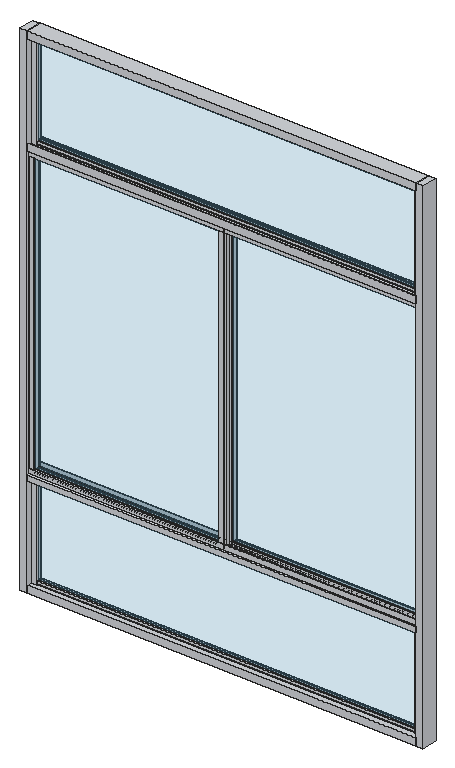
Revit family "MT-VMS_DB-SG_OX WITH HIGHTLITE-LOWLITE", category Windows, host Wall, Revit 2017 (continued)
Definition of nested family "VMS_DB-SG_OX_LOWLITE-HIGHLITE_76mm"
  Definition of nested family "VMS_DB-SG_GLAZED PANEL"
    Definition of nested family "VMS_V3_SGL_FINE"
      Lines and regions (mm)
        model lines, in view "Ref. Level"
          curve 29: arc (0.9, -3.3, 0) -> (1.112, -3.212, 0) -> (1.2, -3, 0) r 0.3
          curve 30: arc (1.2, -1.5, 0) -> (1.288, -1.288, 0) -> (1.5, -1.2, 0) r 0.3
          curve 31: arc (4.7, -1.2, 0) -> (4.912, -1.288, 0) -> (5, -1.5, 0) r 0.3
          curve 32: arc (5, -10.176, 0) -> (4.912, -10.388, 0) -> (4.7, -10.476, 0) r 0.3
          curve 33: arc (3.6, -10.476, 0) -> (3.388, -10.388, 0) -> (3.3, -10.176, 0) r 0.3
          curve 34: arc (3.3, -9.692, 0) -> (3.212, -9.48, 0) -> (3, -9.392, 0) r 0.3
          curve 35: arc (1.5, -9.392, 0) -> (1.288, -9.304, 0) -> (1.2, -9.092, 0) r 0.3
          curve 36: arc (1.2, -7.692, 0) -> (1.112, -7.48, 0) -> (0.9, -7.392, 0) r 0.3
          curve 37: arc (0.3, -7.392, 0) -> (0.088, -7.48, 0) -> (0, -7.692, 0) r 0.3
          curve 38: arc (0, -11.552, 0) -> (0.4, -11.952, 0) -> (0.8, -11.552, 0) r 0.4
          curve 39: arc (2.1, -11.652, 0) -> (2.188, -11.864, 0) -> (2.4, -11.952, 0) r 0.3
          curve 40: arc (2.4, -14.952, 0) -> (2.188, -15.04, 0) -> (2.1, -15.252, 0) r 0.3
          curve 41: arc (0.8, -15.352, 0) -> (0.4, -14.952, 0) -> (0, -15.352, 0) r 0.4
          curve 42: arc (0, -19.208, 0) -> (0.088, -19.42, 0) -> (0.3, -19.508, 0) r 0.3
          curve 43: arc (0.9, -19.508, 0) -> (1.112, -19.42, 0) -> (1.2, -19.208, 0) r 0.3
          curve 44: arc (1.2, -17.808, 0) -> (1.288, -17.596, 0) -> (1.5, -17.508, 0) r 0.3
          curve 45: arc (3, -17.508, 0) -> (3.212, -17.42, 0) -> (3.3, -17.208, 0) r 0.3
          curve 46: arc (3.3, -16.724, 0) -> (3.388, -16.512, 0) -> (3.6, -16.424, 0) r 0.3
          curve 47: arc (4.7, -16.424, 0) -> (4.912, -16.512, 0) -> (5, -16.724, 0) r 0.3
          curve 48: arc (5, -23.3, 0) -> (4.912, -23.512, 0) -> (4.7, -23.6, 0) r 0.3
          curve 49: arc (0.3, -23.6, 0) -> (0.088, -23.688, 0) -> (0, -23.9, 0) r 0.3
          curve 50: arc (0, -26.4, 0) -> (0.146, -26.754, 0) -> (0.5, -26.9, 0) r 0.5
          curve 51: arc (2.102, -26.9, 0) -> (2.385, -26.783, 0) -> (2.502, -26.5, 0) r 0.4
          curve 52: arc (2.502, -26.5, 0) -> (2.385, -26.217, 0) -> (2.102, -26.1, 0) r 0.4
          curve 53: arc (5.902, -26.1, 0) -> (5.619, -26.217, 0) -> (5.502, -26.5, 0) r 0.4
          curve 54: arc (5.502, -26.5, 0) -> (5.619, -26.783, 0) -> (5.902, -26.9, 0) r 0.4
          curve 55: arc (21, -26.9, 0) -> (21.4, -26.52, 0) -> (21.039, -26.102, 0) r 0.4
          curve 56: arc (14.365, -25.441, 0) -> (14.043, -25.279, 0) -> (13.914, -24.944, 0) r 0.5
          curve 57: arc (13.914, -24.65, 0) -> (14.207, -23.943, 0) -> (14.914, -23.65, 0) r 1
          curve 58: arc (8.4, -25.7, 0) -> (8.259, -25.641, 0) -> (8.2, -25.5, 0) r 0.2
          curve 59: arc (8.2, -23.8, 0) -> (8.141, -23.659, 0) -> (8, -23.6, 0) r 0.2
          curve 60: arc (6.5, -23.6, 0) -> (6.288, -23.512, 0) -> (6.2, -23.3, 0) r 0.3
          curve 61: arc (6.2, -16.639, 0) -> (6.261, -16.458, 0) -> (6.419, -16.35, 0) r 0.3
          curve 62: arc (6.419, -16.35, 0) -> (6.899, -16.169, 0) -> (7.342, -15.909, 0) r 3.014
          curve 63: arc (7.342, -15.909, 0) -> (7.404, -15.838, 0) -> (7.426, -15.746, 0) r 0.2
          curve 64: arc (7.426, -14.908, 0) -> (7.145, -14.479, 0) -> (6.64, -14.566, 0) r 0.468
          curve 65: arc (6.64, -14.566, 0) -> (6.369, -14.767, 0) -> (6.06, -14.904, 0) r 1.525
          curve 66: arc (5.14, -14.904, 0) -> (4.813, -14.756, 0) -> (4.529, -14.535, 0) r 1.525
          curve 67: arc (4.124, -13.835, 0) -> (4.075, -13.45, 0) -> (4.124, -13.065, 0) r 1.525
          curve 68: arc (4.529, -12.365, 0) -> (4.813, -12.144, 0) -> (5.14, -11.996, 0) r 1.525
          curve 69: arc (6.06, -11.996, 0) -> (6.369, -12.133, 0) -> (6.64, -12.334, 0) r 1.525
          curve 70: arc (6.64, -12.334, 0) -> (7.145, -12.421, 0) -> (7.426, -11.992, 0) r 0.468
          curve 71: arc (7.426, -11.154, 0) -> (7.404, -11.062, 0) -> (7.342, -10.991, 0) r 0.2
          curve 72: arc (7.342, -10.991, 0) -> (6.899, -10.731, 0) -> (6.419, -10.55, 0) r 3.014
          curve 73: arc (6.419, -10.55, 0) -> (6.261, -10.442, 0) -> (6.2, -10.261, 0) r 0.3
          curve 74: arc (6.2, -1.5, 0) -> (6.288, -1.288, 0) -> (6.5, -1.2, 0) r 0.3
          curve 75: arc (12.312, -1.2, 0) -> (12.453, -1.259, 0) -> (12.512, -1.4, 0) r 0.2
          curve 76: arc (12.512, -25.5, 0) -> (12.453, -25.641, 0) -> (12.312, -25.7, 0) r 0.2
          curve 77: line (14.914, -23.65, 0) -> (23.214, -23.65, 0)
          curve 78: line (23.214, -23.65, 0) -> (25.029, -24.136, 0)
          curve 79: line (25.029, -24.136, 0) -> (27.114, -24.15, 0)
          curve 80: line (27.914, -23.35, 0) -> (27.914, -20.411, 0)
          curve 81: line (27.641, -20.031, 0) -> (26.677, -19.71, 0)
          curve 82: line (26.414, -19.9, 0) -> (26.414, -20.123, 0)
          curve 83: line (26.414, -20.123, 0) -> (25.177, -19.71, 0)
          curve 84: line (24.914, -19.9, 0) -> (24.914, -20.123, 0)
          curve 85: line (24.914, -20.123, 0) -> (23.677, -19.71, 0)
          curve 86: line (23.414, -19.9, 0) -> (23.414, -20.123, 0)
          curve 87: line (23.414, -20.123, 0) -> (22.177, -19.71, 0)
          curve 88: line (21.914, -19.9, 0) -> (21.914, -20.538, 0)
          curve 89: line (22.119, -20.822, 0) -> (23.009, -21.119, 0)
          curve 90: line (23.214, -21.404, 0) -> (23.214, -22.15, 0)
          curve 91: line (22.914, -22.45, 0) -> (14.214, -22.45, 0)
          curve 92: line (13.914, -22.15, 0) -> (13.914, -14.116, 0)
          curve 93: line (13.797, -13.833, 0) -> (13.414, -13.45, 0)
          curve 94: line (13.414, -13.45, 0) -> (13.797, -13.067, 0)
          curve 95: line (13.914, -12.784, 0) -> (13.914, -2.069, 0)
          curve 96: line (26.414, -1.879, 0) -> (26.414, -5.1, 0)
          curve 97: line (26.114, -5.4, 0) -> (24.2, -5.4, 0)
          curve 98: line (24.2, -5.4, 0) -> (22.119, -6.078, 0)
          curve 99: line (21.914, -6.362, 0) -> (21.914, -7, 0)
          curve 100: line (22.177, -7.19, 0) -> (23.414, -6.777, 0)
          curve 101: line (23.414, -6.777, 0) -> (23.414, -7, 0)
          curve 102: line (23.677, -7.19, 0) -> (24.914, -6.777, 0)
          curve 103: line (24.914, -6.777, 0) -> (24.914, -7, 0)
          curve 104: line (25.177, -7.19, 0) -> (26.414, -6.777, 0)
          curve 105: line (26.414, -6.777, 0) -> (26.414, -7, 0)
          curve 106: line (26.677, -7.19, 0) -> (27.641, -6.869, 0)
          curve 107: line (27.914, -6.489, 0) -> (27.914, -0.8, 0)
          curve 108: line (27.114, 0, 0) -> (25.737, 0, 0)
          curve 109: line (13.681, 0, 0) -> (0.5, 0, 0)
          curve 110: line (0, -0.5, 0) -> (0, -3, 0)
          curve 111: line (0.3, -3.3, 0) -> (0.9, -3.3, 0)
          curve 112: line (1.2, -3, 0) -> (1.2, -1.5, 0)
          curve 113: line (1.5, -1.2, 0) -> (4.7, -1.2, 0)
          curve 114: line (5, -1.5, 0) -> (5, -10.176, 0)
          curve 115: line (4.7, -10.476, 0) -> (3.6, -10.476, 0)
          curve 116: line (3.3, -10.176, 0) -> (3.3, -9.692, 0)
          curve 117: line (3, -9.392, 0) -> (1.5, -9.392, 0)
          curve 118: line (1.2, -9.092, 0) -> (1.2, -7.692, 0)
          curve 119: line (0.9, -7.392, 0) -> (0.3, -7.392, 0)
          curve 120: line (0, -7.692, 0) -> (0, -11.552, 0)
          curve 121: line (0.8, -11.552, 0) -> (0.8, -10.452, 0)
          curve 122: line (0.8, -10.452, 0) -> (2.1, -10.452, 0)
          curve 123: line (2.1, -10.452, 0) -> (2.1, -11.652, 0)
          curve 124: line (2.4, -11.952, 0) -> (2.776, -11.952, 0)
          curve 125: line (2.776, -11.952, 0) -> (2.776, -14.952, 0)
          curve 126: line (2.776, -14.952, 0) -> (2.4, -14.952, 0)
          curve 127: line (2.1, -15.252, 0) -> (2.1, -16.452, 0)
          curve 128: line (2.1, -16.452, 0) -> (0.8, -16.452, 0)
          curve 129: line (0.8, -16.452, 0) -> (0.8, -15.352, 0)
          curve 130: line (0, -15.352, 0) -> (0, -19.208, 0)
          curve 131: line (0.3, -19.508, 0) -> (0.9, -19.508, 0)
          curve 132: line (1.2, -19.208, 0) -> (1.2, -17.808, 0)
          curve 133: line (1.5, -17.508, 0) -> (3, -17.508, 0)
          curve 134: line (3.3, -17.208, 0) -> (3.3, -16.724, 0)
          curve 135: line (3.6, -16.424, 0) -> (4.7, -16.424, 0)
          curve 136: line (5, -16.724, 0) -> (5, -23.3, 0)
          curve 137: line (4.7, -23.6, 0) -> (0.3, -23.6, 0)
          curve 138: line (0, -23.9, 0) -> (0, -26.4, 0)
          curve 139: line (0.5, -26.9, 0) -> (2.102, -26.9, 0)
          curve 140: line (2.102, -26.1, 0) -> (1.002, -26.1, 0)
          curve 141: line (1.002, -26.1, 0) -> (1.002, -24.8, 0)
          curve 142: line (1.002, -24.8, 0) -> (7.002, -24.8, 0)
          curve 143: line (7.002, -24.8, 0) -> (7.002, -26.1, 0)
          curve 144: line (7.002, -26.1, 0) -> (5.902, -26.1, 0)
          curve 145: line (5.902, -26.9, 0) -> (21, -26.9, 0)
          curve 146: line (21.039, -26.102, 0) -> (14.365, -25.441, 0)
          curve 147: line (13.914, -24.944, 0) -> (13.914, -24.65, 0)
          curve 148: line (8.2, -25.5, 0) -> (8.2, -23.8, 0)
          curve 149: line (8, -23.6, 0) -> (6.5, -23.6, 0)
          curve 150: line (6.2, -23.3, 0) -> (6.2, -16.639, 0)
          curve 151: line (7.426, -15.746, 0) -> (7.426, -14.908, 0)
          curve 152: line (6.06, -14.904, 0) -> (5.6, -15.324, 0)
          curve 153: line (5.6, -15.324, 0) -> (5.14, -14.904, 0)
          curve 154: line (4.529, -14.535, 0) -> (3.976, -14.387, 0)
          curve 155: line (3.976, -14.387, 0) -> (4.124, -13.835, 0)
          curve 156: line (4.124, -13.065, 0) -> (3.976, -12.513, 0)
          curve 157: line (3.976, -12.513, 0) -> (4.529, -12.365, 0)
          curve 158: line (5.14, -11.996, 0) -> (5.6, -11.576, 0)
          curve 159: line (5.6, -11.576, 0) -> (6.06, -11.996, 0)
          curve 160: line (7.426, -11.992, 0) -> (7.426, -11.154, 0)
          curve 161: line (6.2, -10.261, 0) -> (6.2, -1.5, 0)
          curve 162: line (6.5, -1.2, 0) -> (12.312, -1.2, 0)
          curve 163: line (12.512, -1.4, 0) -> (12.512, -25.5, 0)
          curve 164: line (12.312, -25.7, 0) -> (8.4, -25.7, 0)
    Definition of nested family "VMS_V3_SGL_MEDIUM"
      Reference planes
        plane 1 "Center (Front/Back)": y = 0
        plane 2: z = 0
        plane 3 "Center (Left/Right)": x = 0
      Lines and regions (mm)
        model lines, in view "Ref. Level"
          curve 1: line (13.914, -23.65, 0) -> (27.914, -23.65, 0)
          curve 2: line (27.914, -23.65, 0) -> (27.914, -22.45, 0)
          curve 3: line (27.914, -22.45, 0) -> (13.914, -22.45, 0)
          curve 4: line (13.914, -22.45, 0) -> (13.914, -1.2, 0)
          curve 5: line (26.414, -1.2, 0) -> (26.414, -5.1, 0)
          curve 6: line (27.914, -6.489, 0) -> (27.914, 0, 0)
          curve 7: line (27.914, 0, 0) -> (0, 0, 0)
          curve 8: line (1.002, -1.2, 0) -> (4.73, -1.2, 0)
          curve 9: line (0, 0, 0) -> (0, -26.9, 0)
          curve 10: line (1.002, -25.7, 0) -> (1.002, -1.2, 0)
          curve 11: line (0, -26.9, 0) -> (21.039, -26.9, 0)
          curve 12: line (21.039, -26.102, 0) -> (13.914, -25.397, 0)
          curve 13: line (13.914, -25.397, 0) -> (13.914, -23.65, 0)
          curve 14: line (13.914, -1.2, 0) -> (26.414, -1.2, 0)
          curve 15: line (12.512, -1.2, 0) -> (12.512, -25.7, 0)
          curve 16: line (12.512, -25.7, 0) -> (6.132, -25.7, 0)
          curve 23: line (6.132, -1.2, 0) -> (12.512, -1.2, 0)
          curve 24: line (4.73, -25.7, 0) -> (1.002, -25.7, 0)
        detail lines, in view "Ref. Level"
          curve 17: line (21.039, -26.102, 0) -> (21.039, -26.9, 0)
          curve 18: line (27.914, -6.489, 0) -> (21.583, -6.489, 0)
          curve 19: line (26.414, -5.1, 0) -> (21.583, -5.1, 0)
          curve 20: line (21.583, -6.489, 0) -> (21.583, -5.1, 0)
          curve 21: line (6.132, -25.7, 0) -> (6.132, -1.2, 0)
          curve 22: line (4.73, -1.2, 0) -> (4.73, -25.7, 0)
    Definition of nested family "VMS_VM64_SILL DETAIL_FINE"
      Reference planes
        plane 1 "Center (Front/Back)": y = 0
        plane 2: z = 0
        plane 3 "Center (Left/Right)": x = 0
      Lines and regions (mm)
        model lines, in view "Ref. Level"
          curve 1: arc (4.124, -13.835, 0) -> (4.075, -13.45, 0) -> (4.124, -13.065, 0) r 1.525
          curve 2: arc (4.529, -12.365, 0) -> (4.813, -12.144, 0) -> (5.14, -11.996, 0) r 1.525
          curve 3: arc (6.06, -11.996, 0) -> (6.369, -12.133, 0) -> (6.64, -12.334, 0) r 1.525
          curve 4: arc (6.64, -12.334, 0) -> (7.145, -12.421, 0) -> (7.426, -11.992, 0) r 0.468
          curve 5: arc (7.426, -11.154, 0) -> (7.404, -11.062, 0) -> (7.342, -10.991, 0) r 0.2
          curve 6: arc (7.342, -10.991, 0) -> (6.899, -10.731, 0) -> (6.419, -10.55, 0) r 3.014
          curve 7: arc (6.419, -10.55, 0) -> (6.261, -10.442, 0) -> (6.2, -10.261, 0) r 0.3
          curve 8: arc (6.2, -1.5, 0) -> (6.288, -1.288, 0) -> (6.5, -1.2, 0) r 0.3
          curve 9: arc (12.312, -1.2, 0) -> (12.453, -1.259, 0) -> (12.512, -1.4, 0) r 0.2
          curve 10: arc (12.512, -25.5, 0) -> (12.453, -25.641, 0) -> (12.312, -25.7, 0) r 0.2
          curve 11: arc (8.4, -25.7, 0) -> (8.259, -25.641, 0) -> (8.2, -25.5, 0) r 0.2
          curve 12: arc (8.2, -23.8, 0) -> (8.141, -23.659, 0) -> (8, -23.6, 0) r 0.2
          curve 13: arc (6.5, -23.6, 0) -> (6.288, -23.512, 0) -> (6.2, -23.3, 0) r 0.3
          curve 14: arc (6.2, -16.639, 0) -> (6.261, -16.458, 0) -> (6.419, -16.35, 0) r 0.3
          curve 15: arc (6.419, -16.35, 0) -> (6.899, -16.169, 0) -> (7.342, -15.909, 0) r 3.014
          curve 16: arc (7.342, -15.909, 0) -> (7.404, -15.838, 0) -> (7.426, -15.746, 0) r 0.2
          curve 17: arc (7.426, -14.908, 0) -> (7.145, -14.479, 0) -> (6.64, -14.566, 0) r 0.468
          curve 18: arc (6.64, -14.566, 0) -> (6.369, -14.767, 0) -> (6.06, -14.904, 0) r 1.525
          curve 19: arc (5.14, -14.904, 0) -> (4.813, -14.756, 0) -> (4.529, -14.535, 0) r 1.525
          curve 20: arc (2.1, -11.652, 0) -> (2.188, -11.864, 0) -> (2.4, -11.952, 0) r 0.3
          curve 21: arc (2.4, -14.952, 0) -> (2.188, -15.04, 0) -> (2.1, -15.252, 0) r 0.3
          curve 22: arc (0.8, -15.352, 0) -> (0.4, -14.952, 0) -> (0, -15.352, 0) r 0.4
          curve 23: arc (0, -19.208, 0) -> (0.088, -19.42, 0) -> (0.3, -19.508, 0) r 0.3
          curve 24: arc (0.9, -19.508, 0) -> (1.112, -19.42, 0) -> (1.2, -19.208, 0) r 0.3
          curve 25: arc (1.2, -17.808, 0) -> (1.288, -17.596, 0) -> (1.5, -17.508, 0) r 0.3
          curve 26: arc (3, -17.508, 0) -> (3.212, -17.42, 0) -> (3.3, -17.208, 0) r 0.3
          curve 27: arc (3.3, -16.724, 0) -> (3.388, -16.512, 0) -> (3.6, -16.424, 0) r 0.3
          curve 28: arc (4.7, -16.424, 0) -> (4.912, -16.512, 0) -> (5, -16.724, 0) r 0.3
          curve 29: arc (5, -23.3, 0) -> (4.912, -23.512, 0) -> (4.7, -23.6, 0) r 0.3
          curve 30: arc (0.3, -23.6, 0) -> (0.088, -23.688, 0) -> (0, -23.9, 0) r 0.3
          curve 31: arc (0, -26.4, 0) -> (0.146, -26.753, 0) -> (0.5, -26.9, 0) r 0.5
          curve 32: arc (2.102, -26.9, 0) -> (2.502, -26.5, 0) -> (2.102, -26.1, 0) r 0.4
          curve 33: arc (5.902, -26.1, 0) -> (5.502, -26.5, 0) -> (5.902, -26.9, 0) r 0.4
          curve 34: arc (19.253, -26.9, 0) -> (19.6, -26.57, 0) -> (19.287, -26.207, 0) r 0.347
          curve 35: arc (16.352, -25.917, 0) -> (16.099, -25.719, 0) -> (16.17, -25.406, 0) r 0.3
          curve 36: arc (16.838, -24.738, 0) -> (16.935, -24.673, 0) -> (17.05, -24.65, 0) r 0.3
          curve 37: arc (27.288, -24.95, 0) -> (27.906, -24.424, 0) -> (27.486, -23.73, 0) r 0.626
          curve 38: arc (26.677, -23.46, 0) -> (26.497, -23.488, 0) -> (26.414, -23.65, 0) r 0.2
          curve 39: arc (25.177, -23.46, 0) -> (24.997, -23.488, 0) -> (24.914, -23.65, 0) r 0.2
          curve 40: arc (23.677, -23.46, 0) -> (23.497, -23.488, 0) -> (23.414, -23.65, 0) r 0.2
          curve 41: arc (16.553, -23.45, 0) -> (16.438, -23.473, 0) -> (16.341, -23.538, 0) r 0.3
          curve 42: arc (14.426, -25.452, 0) -> (14.099, -25.517, 0) -> (13.914, -25.24, 0) r 0.3
          curve 43: arc (13.914, -14.116, 0) -> (13.884, -13.963, 0) -> (13.797, -13.833, 0) r 0.4
          curve 44: arc (13.797, -13.067, 0) -> (13.884, -12.937, 0) -> (13.914, -12.784, 0) r 0.4
          curve 45: arc (13.914, -2.069, 0) -> (14.079, -1.801, 0) -> (14.392, -1.827, 0) r 0.3
          curve 46: arc (14.392, -1.827, 0) -> (18.05, -3.074, 0) -> (21.914, -2.976, 0) r 10.984
          curve 47: arc (21.914, -3.233, 0) -> (22.026, -3.412, 0) -> (22.236, -3.391, 0) r 0.2
          curve 48: arc (23.092, -2.731, 0) -> (23.302, -2.71, 0) -> (23.414, -2.889, 0) r 0.2
          curve 49: arc (23.414, -3.233, 0) -> (23.526, -3.412, 0) -> (23.736, -3.391, 0) r 0.2
          curve 50: arc (24.592, -2.731, 0) -> (24.802, -2.71, 0) -> (24.914, -2.889, 0) r 0.2
          curve 51: arc (24.914, -3.233, 0) -> (25.026, -3.412, 0) -> (25.236, -3.391, 0) r 0.2
          curve 52: arc (26.092, -2.731, 0) -> (26.302, -2.71, 0) -> (26.414, -2.889, 0) r 0.2
          curve 53: arc (26.414, -3.233, 0) -> (26.496, -3.394, 0) -> (26.674, -3.423, 0) r 0.2
          curve 54: arc (27.634, -3.121, 0) -> (27.837, -2.976, 0) -> (27.914, -2.739, 0) r 0.4
          curve 55: arc (27.914, -0.8, 0) -> (27.68, -0.234, 0) -> (27.114, 0, 0) r 0.8
          curve 56: arc (25.737, 0, 0) -> (25.642, -0.015, 0) -> (25.558, -0.06, 0) r 0.3
          curve 57: arc (25.558, -0.06, 0) -> (19.709, -2, 0) -> (13.86, -0.06, 0) r 9.784
          curve 58: arc (13.86, -0.06, 0) -> (13.776, -0.015, 0) -> (13.681, 0, 0) r 0.3
          curve 59: arc (0.5, 0, 0) -> (0.146, -0.146, 0) -> (0, -0.5, 0) r 0.5
          curve 60: arc (0, -3, 0) -> (0.088, -3.212, 0) -> (0.3, -3.3, 0) r 0.3
          curve 61: arc (0.9, -3.3, 0) -> (1.112, -3.212, 0) -> (1.2, -3, 0) r 0.3
          curve 62: arc (1.2, -1.5, 0) -> (1.288, -1.288, 0) -> (1.5, -1.2, 0) r 0.3
          curve 63: arc (4.7, -1.2, 0) -> (4.912, -1.288, 0) -> (5, -1.5, 0) r 0.3
          curve 64: arc (5, -10.176, 0) -> (4.912, -10.388, 0) -> (4.7, -10.476, 0) r 0.3
          curve 65: arc (3.6, -10.476, 0) -> (3.388, -10.388, 0) -> (3.3, -10.176, 0) r 0.3
          curve 66: arc (3.3, -9.692, 0) -> (3.212, -9.48, 0) -> (3, -9.392, 0) r 0.3
          curve 67: arc (1.5, -9.392, 0) -> (1.288, -9.304, 0) -> (1.2, -9.092, 0) r 0.3
          curve 68: arc (1.2, -7.692, 0) -> (1.112, -7.48, 0) -> (0.9, -7.392, 0) r 0.3
          curve 69: arc (0.3, -7.392, 0) -> (0.088, -7.48, 0) -> (0, -7.692, 0) r 0.3
          curve 70: arc (0, -11.552, 0) -> (0.4, -11.952, 0) -> (0.8, -11.552, 0) r 0.4
          curve 71: line (4.529, -14.535, 0) -> (3.976, -14.387, 0)
          curve 72: line (3.976, -14.387, 0) -> (4.124, -13.835, 0)
          curve 73: line (4.124, -13.065, 0) -> (3.976, -12.513, 0)
          curve 74: line (3.976, -12.513, 0) -> (4.529, -12.365, 0)
          curve 75: line (5.14, -11.996, 0) -> (5.6, -11.576, 0)
          curve 76: line (5.6, -11.576, 0) -> (6.06, -11.996, 0)
          curve 77: line (7.426, -11.992, 0) -> (7.426, -11.154, 0)
          curve 78: line (6.2, -10.261, 0) -> (6.2, -1.5, 0)
          curve 79: line (6.5, -1.2, 0) -> (12.312, -1.2, 0)
          curve 80: line (12.512, -1.4, 0) -> (12.512, -25.5, 0)
          curve 81: line (12.312, -25.7, 0) -> (8.4, -25.7, 0)
          curve 82: line (8.2, -25.5, 0) -> (8.2, -23.8, 0)
          curve 83: line (8, -23.6, 0) -> (6.5, -23.6, 0)
          curve 84: line (6.2, -23.3, 0) -> (6.2, -16.639, 0)
          curve 85: line (7.426, -15.746, 0) -> (7.426, -14.908, 0)
          curve 86: line (6.06, -14.904, 0) -> (5.6, -15.324, 0)
          curve 87: line (5.6, -15.324, 0) -> (5.14, -14.904, 0)
          curve 88: line (2.4, -11.952, 0) -> (2.776, -11.952, 0)
          curve 89: line (2.776, -11.952, 0) -> (2.776, -14.952, 0)
          curve 90: line (2.776, -14.952, 0) -> (2.4, -14.952, 0)
          curve 91: line (2.1, -15.252, 0) -> (2.1, -16.452, 0)
          curve 92: line (2.1, -16.452, 0) -> (0.8, -16.452, 0)
          curve 93: line (0.8, -16.452, 0) -> (0.8, -15.352, 0)
          curve 94: line (0, -15.352, 0) -> (0, -19.208, 0)
          curve 95: line (0.3, -19.508, 0) -> (0.9, -19.508, 0)
          curve 96: line (1.2, -19.208, 0) -> (1.2, -17.808, 0)
          curve 97: line (1.5, -17.508, 0) -> (3, -17.508, 0)
          curve 98: line (3.3, -17.208, 0) -> (3.3, -16.724, 0)
          curve 99: line (3.6, -16.424, 0) -> (4.7, -16.424, 0)
          curve 100: line (5, -16.724, 0) -> (5, -23.3, 0)
          curve 101: line (4.7, -23.6, 0) -> (0.3, -23.6, 0)
          curve 102: line (0, -23.9, 0) -> (0, -26.4, 0)
          curve 103: line (0.5, -26.9, 0) -> (2.102, -26.9, 0)
          curve 104: line (2.102, -26.1, 0) -> (1.202, -26.1, 0)
          curve 105: line (1.202, -26.1, 0) -> (1.202, -24.8, 0)
          curve 106: line (1.202, -24.8, 0) -> (6.802, -24.8, 0)
          curve 107: line (6.802, -24.8, 0) -> (6.802, -26.1, 0)
          curve 108: line (6.802, -26.1, 0) -> (5.902, -26.1, 0)
          curve 109: line (5.902, -26.9, 0) -> (19.253, -26.9, 0)
          curve 110: line (19.287, -26.207, 0) -> (16.352, -25.917, 0)
          curve 111: line (16.17, -25.406, 0) -> (16.838, -24.738, 0)
          curve 112: line (17.05, -24.65, 0) -> (22.146, -24.65, 0)
          curve 113: line (22.146, -24.65, 0) -> (23.924, -24.95, 0)
          curve 114: line (23.924, -24.95, 0) -> (27.288, -24.95, 0)
          curve 115: line (27.486, -23.73, 0) -> (26.677, -23.46, 0)
          curve 116: line (26.414, -23.65, 0) -> (26.414, -23.872, 0)
          curve 117: line (26.414, -23.872, 0) -> (25.177, -23.46, 0)
          curve 118: line (24.914, -23.65, 0) -> (24.914, -23.872, 0)
          curve 119: line (24.914, -23.872, 0) -> (23.677, -23.46, 0)
          curve 120: line (23.414, -23.761, 0) -> (22.146, -23.45, 0)
          curve 121: line (22.146, -23.45, 0) -> (16.553, -23.45, 0)
          curve 122: line (16.341, -23.538, 0) -> (14.426, -25.452, 0)
          curve 123: line (13.914, -25.24, 0) -> (13.914, -14.116, 0)
          curve 124: line (13.797, -13.833, 0) -> (13.414, -13.45, 0)
          curve 125: line (13.414, -13.45, 0) -> (13.797, -13.067, 0)
          curve 126: line (13.914, -12.784, 0) -> (13.914, -2.069, 0)
          curve 127: line (21.914, -2.976, 0) -> (21.914, -3.233, 0)
          curve 128: line (22.236, -3.391, 0) -> (23.092, -2.731, 0)
          curve 129: line (23.414, -2.889, 0) -> (23.414, -3.233, 0)
          curve 130: line (23.736, -3.391, 0) -> (24.592, -2.731, 0)
          curve 131: line (24.914, -2.889, 0) -> (24.914, -3.233, 0)
          curve 132: line (25.236, -3.391, 0) -> (26.092, -2.731, 0)
          curve 133: line (26.414, -2.889, 0) -> (26.414, -3.233, 0)
          curve 134: line (26.674, -3.423, 0) -> (27.634, -3.121, 0)
          curve 135: line (27.914, -2.739, 0) -> (27.914, -0.8, 0)
          curve 136: line (27.114, 0, 0) -> (25.737, 0, 0)
          curve 137: line (13.681, 0, 0) -> (0.5, 0, 0)
          curve 138: line (0, -0.5, 0) -> (0, -3, 0)
          curve 139: line (0.3, -3.3, 0) -> (0.9, -3.3, 0)
          curve 140: line (1.2, -3, 0) -> (1.2, -1.5, 0)
          curve 141: line (1.5, -1.2, 0) -> (4.7, -1.2, 0)
          curve 142: line (5, -1.5, 0) -> (5, -10.176, 0)
          curve 143: line (4.7, -10.476, 0) -> (3.6, -10.476, 0)
          curve 144: line (3.3, -10.176, 0) -> (3.3, -9.692, 0)
          curve 145: line (3, -9.392, 0) -> (1.5, -9.392, 0)
          curve 146: line (1.2, -9.092, 0) -> (1.2, -7.692, 0)
          curve 147: line (0.9, -7.392, 0) -> (0.3, -7.392, 0)
          curve 148: line (0, -7.692, 0) -> (0, -11.552, 0)
          curve 149: line (0.8, -11.552, 0) -> (0.8, -10.452, 0)
          curve 150: line (0.8, -10.452, 0) -> (2.1, -10.452, 0)
          curve 151: line (2.1, -10.452, 0) -> (2.1, -11.652, 0)
    Definition of nested family "VMS_VM64_SILL DETAIL_MEDIUM"
      Reference planes
        plane 1 "Center (Front/Back)": y = 0
        plane 2: z = 0
        plane 3 "Center (Left/Right)": x = 0
      Lines and regions (mm)
        model lines, in view "Ref. Level"
          curve 1: line (1.202, -1.2, 0) -> (5, -1.2, 0)
          curve 2: line (12.512, -1.2, 0) -> (12.512, -25.7, 0)
          curve 3: line (12.512, -25.7, 0) -> (6.2, -25.7, 0)
          curve 4: line (6.2, -25.7, 0) -> (6.2, -1.2, 0)
          curve 5: line (5, -1.2, 0) -> (5, -25.7, 0)
          curve 6: line (0, 0, 0) -> (0, -26.9, 0)
          curve 7: line (1.202, -25.7, 0) -> (1.202, -1.2, 0)
          curve 8: line (0, -26.9, 0) -> (19.287, -26.9, 0)
          curve 9: line (19.287, -26.207, 0) -> (15.721, -25.854, 0)
          curve 10: line (15.721, -25.854, 0) -> (16.926, -24.65, 0)
          curve 11: line (16.926, -24.65, 0) -> (27.914, -24.65, 0)
          curve 12: line (27.914, -23.45, 0) -> (16.429, -23.45, 0)
          curve 13: line (16.429, -23.45, 0) -> (13.914, -25.965, 0)
          curve 14: line (13.914, -25.965, 0) -> (13.914, -1.2, 0)
          curve 15: line (27.914, -24.65, 0) -> (27.914, -23.45, 0)
          curve 16: line (27.914, 0, 0) -> (0, 0, 0)
          curve 18: line (6.2, -1.2, 0) -> (12.512, -1.2, 0)
          curve 19: line (5, -25.7, 0) -> (1.202, -25.7, 0)
          curve 20: line (27.914, -1.2, 0) -> (27.914, 0, 0)
          curve 21: line (13.914, -1.2, 0) -> (27.914, -1.2, 0)
        detail lines, in view "Ref. Level"
          curve 17: line (19.287, -26.207, 0) -> (19.287, -26.9, 0)
    Definition of nested family "VMS_VM5_SILL DETAIL_FINE"
      Reference planes
        plane 1 "Center (Front/Back)": y = 0
        plane 2: z = 0
        plane 3 "Center (Left/Right)": x = 0
      Lines and regions (mm)
        model lines, in view "Ref. Level"
          curve 1: arc (26.9, 5.9, 0) -> (26.783, 5.617, 0) -> (26.5, 5.5, 0) r 0.4
          curve 2: arc (26.5, 5.5, 0) -> (26.217, 5.617, 0) -> (26.1, 5.9, 0) r 0.4
          curve 3: arc (26.1, 2.1, 0) -> (26.217, 2.383, 0) -> (26.5, 2.5, 0) r 0.4
          curve 4: arc (26.5, 2.5, 0) -> (26.783, 2.383, 0) -> (26.9, 2.1, 0) r 0.4
          curve 5: arc (26.9, 0.5, 0) -> (26.754, 0.146, 0) -> (26.4, 0, 0) r 0.5
          curve 6: arc (23.9, 0, 0) -> (23.688, 0.088, 0) -> (23.6, 0.3, 0) r 0.3
          curve 7: arc (23.6, 4.7, 0) -> (23.512, 4.912, 0) -> (23.3, 5, 0) r 0.3
          curve 8: arc (16.724, 5, 0) -> (16.512, 4.912, 0) -> (16.424, 4.7, 0) r 0.3
          curve 9: arc (16.424, 3.6, 0) -> (16.512, 3.388, 0) -> (16.724, 3.3, 0) r 0.3
          curve 10: arc (17.208, 3.3, 0) -> (17.42, 3.212, 0) -> (17.508, 3, 0) r 0.3
          curve 11: arc (17.508, 1.5, 0) -> (17.596, 1.288, 0) -> (17.808, 1.2, 0) r 0.3
          curve 12: arc (19.208, 1.2, 0) -> (19.42, 1.112, 0) -> (19.508, 0.9, 0) r 0.3
          curve 13: arc (19.508, 0.3, 0) -> (19.42, 0.088, 0) -> (19.208, 0, 0) r 0.3
          curve 14: arc (15.348, 0, 0) -> (14.948, 0.4, 0) -> (15.348, 0.8, 0) r 0.4
          curve 15: arc (15.248, 2.1, 0) -> (15.036, 2.188, 0) -> (14.948, 2.4, 0) r 0.3
          curve 16: arc (11.948, 2.4, 0) -> (11.86, 2.188, 0) -> (11.648, 2.1, 0) r 0.3
          curve 17: arc (11.548, 0.8, 0) -> (11.948, 0.4, 0) -> (11.548, 0, 0) r 0.4
          curve 18: arc (7.692, 0, 0) -> (7.48, 0.088, 0) -> (7.392, 0.3, 0) r 0.3
          curve 19: arc (7.392, 0.9, 0) -> (7.48, 1.112, 0) -> (7.692, 1.2, 0) r 0.3
          curve 20: arc (9.092, 1.2, 0) -> (9.304, 1.288, 0) -> (9.392, 1.5, 0) r 0.3
          curve 21: arc (9.392, 3, 0) -> (9.48, 3.212, 0) -> (9.692, 3.3, 0) r 0.3
          curve 22: arc (10.176, 3.3, 0) -> (10.388, 3.388, 0) -> (10.476, 3.6, 0) r 0.3
          curve 23: arc (10.476, 4.7, 0) -> (10.388, 4.912, 0) -> (10.176, 5, 0) r 0.3
          curve 24: arc (3.6, 5, 0) -> (3.388, 4.912, 0) -> (3.3, 4.7, 0) r 0.3
          curve 25: arc (3.3, 0.3, 0) -> (3.212, 0.088, 0) -> (3, 0, 0) r 0.3
          curve 26: arc (0.5, 0, 0) -> (0.146, 0.146, 0) -> (0, 0.5, 0) r 0.5
          curve 27: arc (0, 2.1, 0) -> (0.117, 2.383, 0) -> (0.4, 2.5, 0) r 0.4
          curve 28: arc (0.4, 2.5, 0) -> (0.683, 2.383, 0) -> (0.8, 2.1, 0) r 0.4
          curve 29: arc (0.8, 5.9, 0) -> (0.683, 5.617, 0) -> (0.4, 5.5, 0) r 0.4
          curve 30: arc (0.4, 5.5, 0) -> (0.117, 5.617, 0) -> (0, 5.9, 0) r 0.4
          curve 31: arc (0, 13.679, 0) -> (0.015, 13.774, 0) -> (0.06, 13.858, 0) r 0.3
          curve 32: arc (0.06, 13.858, 0) -> (2, 19.707, 0) -> (0.06, 25.556, 0) r 9.784
          curve 33: arc (0.06, 25.556, 0) -> (0.015, 25.64, 0) -> (0, 25.735, 0) r 0.3
          curve 34: arc (0, 27.112, 0) -> (0.234, 27.678, 0) -> (0.8, 27.912, 0) r 0.8
          curve 35: arc (6.489, 27.912, 0) -> (6.723, 27.837, 0) -> (6.869, 27.639, 0) r 0.4
          curve 36: arc (7.19, 26.675, 0) -> (7.162, 26.495, 0) -> (7, 26.412, 0) r 0.2
          curve 37: arc (7.19, 25.175, 0) -> (7.162, 24.995, 0) -> (7, 24.912, 0) r 0.2
          curve 38: arc (7.19, 23.675, 0) -> (7.162, 23.495, 0) -> (7, 23.412, 0) r 0.2
          curve 39: arc (7.19, 22.175, 0) -> (7.162, 21.995, 0) -> (7, 21.912, 0) r 0.2
          curve 40: arc (6.362, 21.912, 0) -> (6.187, 21.969, 0) -> (6.078, 22.117, 0) r 0.3
          curve 41: arc (5.4, 26.112, 0) -> (5.312, 26.324, 0) -> (5.1, 26.412, 0) r 0.3
          curve 42: arc (1.879, 26.412, 0) -> (1.441, 26.152, 0) -> (1.459, 25.642, 0) r 0.5
          curve 43: arc (1.459, 25.642, 0) -> (3.194, 20.067, 0) -> (1.827, 14.39, 0) r 10.984
          curve 44: arc (1.827, 14.39, 0) -> (1.801, 14.077, 0) -> (2.069, 13.912, 0) r 0.3
          curve 45: arc (12.784, 13.912, 0) -> (12.937, 13.882, 0) -> (13.067, 13.795, 0) r 0.4
          curve 46: arc (13.833, 13.795, 0) -> (13.963, 13.882, 0) -> (14.116, 13.912, 0) r 0.4
          curve 47: arc (24.831, 13.912, 0) -> (25.099, 14.077, 0) -> (25.073, 14.39, 0) r 0.3
          curve 48: arc (25.073, 14.39, 0) -> (23.706, 20.067, 0) -> (25.441, 25.642, 0) r 10.984
          curve 49: arc (25.441, 25.642, 0) -> (25.459, 26.152, 0) -> (25.021, 26.412, 0) r 0.5
          curve 50: arc (21.8, 26.412, 0) -> (21.588, 26.324, 0) -> (21.5, 26.112, 0) r 0.3
          curve 51: arc (20.822, 22.117, 0) -> (20.713, 21.969, 0) -> (20.538, 21.912, 0) r 0.3
          curve 52: arc (19.9, 21.912, 0) -> (19.738, 21.995, 0) -> (19.71, 22.175, 0) r 0.2
          curve 53: arc (19.9, 23.412, 0) -> (19.738, 23.495, 0) -> (19.71, 23.675, 0) r 0.2
          curve 54: arc (19.9, 24.912, 0) -> (19.738, 24.995, 0) -> (19.71, 25.175, 0) r 0.2
          curve 55: arc (19.9, 26.412, 0) -> (19.738, 26.495, 0) -> (19.71, 26.675, 0) r 0.2
          curve 56: arc (20.031, 27.639, 0) -> (20.177, 27.837, 0) -> (20.411, 27.912, 0) r 0.4
          curve 57: arc (26.1, 27.912, 0) -> (26.666, 27.678, 0) -> (26.9, 27.112, 0) r 0.8
          curve 58: arc (26.9, 25.735, 0) -> (26.885, 25.64, 0) -> (26.84, 25.556, 0) r 0.3
          curve 59: arc (26.84, 25.556, 0) -> (24.9, 19.707, 0) -> (26.84, 13.858, 0) r 9.784
          curve 60: arc (26.84, 13.858, 0) -> (26.885, 13.774, 0) -> (26.9, 13.679, 0) r 0.3
          curve 61: arc (10.55, 6.419, 0) -> (10.731, 6.899, 0) -> (10.991, 7.342, 0) r 3.014
          curve 62: arc (10.991, 7.342, 0) -> (11.062, 7.404, 0) -> (11.154, 7.426, 0) r 0.2
          curve 63: arc (11.992, 7.426, 0) -> (12.421, 7.145, 0) -> (12.334, 6.64, 0) r 0.468
          curve 64: arc (12.334, 6.64, 0) -> (12.133, 6.369, 0) -> (11.996, 6.06, 0) r 1.525
          curve 65: arc (11.996, 5.14, 0) -> (12.144, 4.813, 0) -> (12.365, 4.529, 0) r 1.525
          curve 66: arc (13.065, 4.124, 0) -> (13.45, 4.075, 0) -> (13.835, 4.124, 0) r 1.525
          curve 67: arc (14.535, 4.529, 0) -> (14.756, 4.813, 0) -> (14.904, 5.14, 0) r 1.525
          curve 68: arc (14.904, 6.06, 0) -> (14.767, 6.369, 0) -> (14.566, 6.64, 0) r 1.525
          curve 69: arc (14.566, 6.64, 0) -> (14.479, 7.145, 0) -> (14.908, 7.426, 0) r 0.468
          curve 70: arc (15.746, 7.426, 0) -> (15.838, 7.404, 0) -> (15.909, 7.342, 0) r 0.2
          curve 71: arc (15.909, 7.342, 0) -> (16.169, 6.899, 0) -> (16.35, 6.419, 0) r 3.014
          curve 72: arc (16.35, 6.419, 0) -> (16.458, 6.261, 0) -> (16.639, 6.2, 0) r 0.3
          curve 73: arc (23.3, 6.2, 0) -> (23.512, 6.288, 0) -> (23.6, 6.5, 0) r 0.3
          curve 74: arc (23.6, 8, 0) -> (23.659, 8.141, 0) -> (23.8, 8.2, 0) r 0.2
          curve 75: arc (25.5, 8.2, 0) -> (25.641, 8.259, 0) -> (25.7, 8.4, 0) r 0.2
          curve 76: arc (25.7, 12.312, 0) -> (25.641, 12.453, 0) -> (25.5, 12.512, 0) r 0.2
          curve 77: arc (1.4, 12.512, 0) -> (1.259, 12.453, 0) -> (1.2, 12.312, 0) r 0.2
          curve 78: arc (1.2, 8.4, 0) -> (1.259, 8.259, 0) -> (1.4, 8.2, 0) r 0.2
          curve 79: arc (3.1, 8.2, 0) -> (3.241, 8.141, 0) -> (3.3, 8, 0) r 0.2
          curve 80: arc (3.3, 6.5, 0) -> (3.388, 6.288, 0) -> (3.6, 6.2, 0) r 0.3
          curve 81: line (26.1, 5.9, 0) -> (26.1, 7, 0)
          curve 82: line (26.1, 7, 0) -> (24.8, 7, 0)
          curve 83: line (24.8, 7, 0) -> (24.8, 1, 0)
          curve 84: line (24.8, 1, 0) -> (26.1, 1, 0)
          curve 85: line (26.1, 1, 0) -> (26.1, 2.1, 0)
          curve 86: line (26.9, 2.1, 0) -> (26.9, 0.5, 0)
          curve 87: line (26.4, 0, 0) -> (23.9, 0, 0)
          curve 88: line (23.6, 0.3, 0) -> (23.6, 4.7, 0)
          curve 89: line (23.3, 5, 0) -> (16.724, 5, 0)
          curve 90: line (16.424, 4.7, 0) -> (16.424, 3.6, 0)
          curve 91: line (16.724, 3.3, 0) -> (17.208, 3.3, 0)
          curve 92: line (17.508, 3, 0) -> (17.508, 1.5, 0)
          curve 93: line (17.808, 1.2, 0) -> (19.208, 1.2, 0)
          curve 94: line (19.508, 0.9, 0) -> (19.508, 0.3, 0)
          curve 95: line (19.208, 0, 0) -> (15.348, 0, 0)
          curve 96: line (15.348, 0.8, 0) -> (16.448, 0.8, 0)
          curve 97: line (16.448, 0.8, 0) -> (16.448, 2.1, 0)
          curve 98: line (16.448, 2.1, 0) -> (15.248, 2.1, 0)
          curve 99: line (14.948, 2.4, 0) -> (14.948, 2.776, 0)
          curve 100: line (14.948, 2.776, 0) -> (11.948, 2.776, 0)
          curve 101: line (11.948, 2.776, 0) -> (11.948, 2.4, 0)
          curve 102: line (11.648, 2.1, 0) -> (10.448, 2.1, 0)
          curve 103: line (10.448, 2.1, 0) -> (10.448, 0.8, 0)
          curve 104: line (10.448, 0.8, 0) -> (11.548, 0.8, 0)
          curve 105: line (11.548, 0, 0) -> (7.692, 0, 0)
          curve 106: line (7.392, 0.3, 0) -> (7.392, 0.9, 0)
          curve 107: line (7.692, 1.2, 0) -> (9.092, 1.2, 0)
          curve 108: line (9.392, 1.5, 0) -> (9.392, 3, 0)
          curve 109: line (9.692, 3.3, 0) -> (10.176, 3.3, 0)
          curve 110: line (10.476, 3.6, 0) -> (10.476, 4.7, 0)
          curve 111: line (10.176, 5, 0) -> (3.6, 5, 0)
          curve 112: line (3.3, 4.7, 0) -> (3.3, 0.3, 0)
          curve 113: line (3, 0, 0) -> (0.5, 0, 0)
          curve 114: line (0, 0.5, 0) -> (0, 2.1, 0)
          curve 115: line (0.8, 2.1, 0) -> (0.8, 1, 0)
          curve 116: line (0.8, 1, 0) -> (2.1, 1, 0)
          curve 117: line (2.1, 1, 0) -> (2.1, 7, 0)
          curve 118: line (2.1, 7, 0) -> (0.8, 7, 0)
          curve 119: line (0.8, 7, 0) -> (0.8, 5.9, 0)
          curve 120: line (0, 5.9, 0) -> (0, 13.679, 0)
          curve 121: line (0, 25.735, 0) -> (0, 27.112, 0)
          curve 122: line (0.8, 27.912, 0) -> (6.489, 27.912, 0)
          curve 123: line (6.869, 27.639, 0) -> (7.19, 26.675, 0)
          curve 124: line (7, 26.412, 0) -> (6.777, 26.412, 0)
          curve 125: line (6.777, 26.412, 0) -> (7.19, 25.175, 0)
          curve 126: line (7, 24.912, 0) -> (6.777, 24.912, 0)
          curve 127: line (6.777, 24.912, 0) -> (7.19, 23.675, 0)
          curve 128: line (7, 23.412, 0) -> (6.777, 23.412, 0)
          curve 129: line (6.777, 23.412, 0) -> (7.19, 22.175, 0)
          curve 130: line (7, 21.912, 0) -> (6.362, 21.912, 0)
          curve 131: line (6.078, 22.117, 0) -> (5.415, 24.104, 0)
          curve 132: line (5.415, 24.104, 0) -> (5.4, 26.112, 0)
          curve 133: line (5.1, 26.412, 0) -> (1.879, 26.412, 0)
          curve 134: line (2.069, 13.912, 0) -> (12.784, 13.912, 0)
          curve 135: line (13.067, 13.795, 0) -> (13.45, 13.412, 0)
          curve 136: line (13.45, 13.412, 0) -> (13.833, 13.795, 0)
          curve 137: line (14.116, 13.912, 0) -> (24.831, 13.912, 0)
          curve 138: line (25.021, 26.412, 0) -> (21.8, 26.412, 0)
          curve 139: line (21.5, 26.112, 0) -> (21.5, 24.198, 0)
          curve 140: line (21.5, 24.198, 0) -> (20.822, 22.117, 0)
          curve 141: line (20.538, 21.912, 0) -> (19.9, 21.912, 0)
          curve 142: line (19.71, 22.175, 0) -> (20.123, 23.412, 0)
          curve 143: line (20.123, 23.412, 0) -> (19.9, 23.412, 0)
          curve 144: line (19.71, 23.675, 0) -> (20.123, 24.912, 0)
          curve 145: line (20.123, 24.912, 0) -> (19.9, 24.912, 0)
          curve 146: line (19.71, 25.175, 0) -> (20.123, 26.412, 0)
          curve 147: line (20.123, 26.412, 0) -> (19.9, 26.412, 0)
          curve 148: line (19.71, 26.675, 0) -> (20.031, 27.639, 0)
          curve 149: line (20.411, 27.912, 0) -> (26.1, 27.912, 0)
          curve 150: line (26.9, 27.112, 0) -> (26.9, 25.735, 0)
          curve 151: line (26.9, 13.679, 0) -> (26.9, 5.9, 0)
          curve 152: line (11.154, 7.426, 0) -> (11.992, 7.426, 0)
          curve 153: line (11.996, 6.06, 0) -> (11.576, 5.6, 0)
          curve 154: line (11.576, 5.6, 0) -> (11.996, 5.14, 0)
          curve 155: line (12.365, 4.529, 0) -> (12.513, 3.976, 0)
          curve 156: line (12.513, 3.976, 0) -> (13.065, 4.124, 0)
          curve 157: line (13.835, 4.124, 0) -> (14.387, 3.976, 0)
          curve 158: line (14.387, 3.976, 0) -> (14.535, 4.529, 0)
          curve 159: line (14.904, 5.14, 0) -> (15.324, 5.6, 0)
          curve 160: line (15.324, 5.6, 0) -> (14.904, 6.06, 0)
          curve 161: line (14.908, 7.426, 0) -> (15.746, 7.426, 0)
          curve 162: line (16.639, 6.2, 0) -> (23.3, 6.2, 0)
          curve 163: line (23.6, 6.5, 0) -> (23.6, 8, 0)
          curve 164: line (23.8, 8.2, 0) -> (25.5, 8.2, 0)
          curve 165: line (25.7, 8.4, 0) -> (25.7, 12.312, 0)
          curve 166: line (25.5, 12.512, 0) -> (1.4, 12.512, 0)
          curve 167: line (1.2, 12.312, 0) -> (1.2, 8.4, 0)
          curve 168: line (1.4, 8.2, 0) -> (3.1, 8.2, 0)
          curve 169: line (3.3, 8, 0) -> (3.3, 6.5, 0)
          curve 170: line (3.6, 6.2, 0) -> (10.261, 6.2, 0)
          curve 171: arc (10.261, 6.2, 0) -> (10.442, 6.261, 0) -> (10.55, 6.419, 0) r 0.3
    Definition of nested family "VMS_VM5_SILL DETAIL_MEDIUM"
      Reference planes
        plane 1 "Center (Front/Back)": y = 0
        plane 2: z = 0
        plane 3 "Center (Left/Right)": x = 0
      Lines and regions (mm)
        model lines, in view "Ref. Level"
          curve 1: line (1.2, 1, 0) -> (25.7, 1, 0)
          curve 2: line (26.9, 0, 0) -> (0, 0, 0)
          curve 3: line (25.7, 5, 0) -> (1.2, 5, 0)
          curve 4: line (0, 0, 0) -> (0, 27.912, 0)
          curve 5: line (0, 27.912, 0) -> (6.489, 27.912, 0)
          curve 6: line (6.489, 21.912, 0) -> (5.432, 21.912, 0)
          curve 7: line (5.432, 21.912, 0) -> (5.398, 26.412, 0)
          curve 8: line (5.398, 26.412, 0) -> (1.2, 26.412, 0)
          curve 9: line (1.2, 13.912, 0) -> (25.7, 13.912, 0)
          curve 10: line (25.7, 26.412, 0) -> (21.5, 26.412, 0)
          curve 11: line (21.5, 26.412, 0) -> (21.5, 21.912, 0)
          curve 12: line (21.5, 21.912, 0) -> (20.411, 21.912, 0)
          curve 13: line (20.411, 27.912, 0) -> (26.9, 27.912, 0)
          curve 14: line (26.9, 27.912, 0) -> (26.9, 0, 0)
          curve 15: line (1.2, 6.2, 0) -> (25.7, 6.2, 0)
          curve 16: line (25.7, 1, 0) -> (25.7, 5, 0)
          curve 17: line (25.7, 12.512, 0) -> (1.2, 12.512, 0)
          curve 18: line (1.2, 26.412, 0) -> (1.2, 13.912, 0)
          curve 19: line (1.2, 5, 0) -> (1.2, 1, 0)
          curve 20: line (25.7, 13.912, 0) -> (25.7, 26.412, 0)
          curve 21: line (1.2, 12.512, 0) -> (1.2, 6.2, 0)
          curve 22: line (25.7, 6.2, 0) -> (25.7, 12.512, 0)
        detail lines, in view "Ref. Level"
          curve 23: line (6.489, 27.912, 0) -> (6.489, 21.912, 0)
          curve 24: line (20.411, 27.912, 0) -> (20.411, 21.912, 0)
    Definition of nested family "VMS_VM66_SILL DETAIL_FINE"
      Reference planes
        plane 1 "Center (Front/Back)": y = 0
        plane 2: z = 0
        plane 3 "Center (Left/Right)": x = 0
      Lines and regions (mm)
        model lines, in view "Ref. Level"
          curve 1: arc (11.648, 2.1, 0) -> (11.86, 2.188, 0) -> (11.948, 2.4, 0) r 0.3
          curve 2: arc (14.948, 2.4, 0) -> (15.036, 2.188, 0) -> (15.248, 2.1, 0) r 0.3
          curve 3: arc (15.348, 0.8, 0) -> (14.948, 0.4, 0) -> (15.348, 0, 0) r 0.4
          curve 4: arc (19.208, 0, 0) -> (19.42, 0.088, 0) -> (19.508, 0.3, 0) r 0.3
          curve 5: arc (19.508, 0.9, 0) -> (19.42, 1.112, 0) -> (19.208, 1.2, 0) r 0.3
          curve 6: arc (17.808, 1.2, 0) -> (17.596, 1.288, 0) -> (17.508, 1.5, 0) r 0.3
          curve 7: arc (17.508, 3, 0) -> (17.42, 3.212, 0) -> (17.208, 3.3, 0) r 0.3
          curve 8: arc (16.724, 3.3, 0) -> (16.512, 3.388, 0) -> (16.424, 3.6, 0) r 0.3
          curve 9: arc (16.424, 4.7, 0) -> (16.512, 4.912, 0) -> (16.724, 5, 0) r 0.3
          curve 10: arc (23.3, 5, 0) -> (23.512, 4.912, 0) -> (23.6, 4.7, 0) r 0.3
          curve 11: arc (23.6, 0.3, 0) -> (23.688, 0.088, 0) -> (23.9, 0, 0) r 0.3
          curve 12: arc (26.4, 0, 0) -> (26.753, 0.146, 0) -> (26.9, 0.5, 0) r 0.5
          curve 13: arc (26.9, 2.1, 0) -> (26.5, 2.5, 0) -> (26.1, 2.1, 0) r 0.4
          curve 14: arc (26.1, 5.9, 0) -> (26.5, 5.5, 0) -> (26.9, 5.9, 0) r 0.4
          curve 15: arc (26.9, 13.679, 0) -> (26.885, 13.774, 0) -> (26.84, 13.858, 0) r 0.3
          curve 16: arc (26.84, 13.858, 0) -> (24.9, 19.707, 0) -> (26.84, 25.556, 0) r 9.784
          curve 17: arc (26.84, 25.556, 0) -> (26.885, 25.64, 0) -> (26.9, 25.735, 0) r 0.3
          curve 18: arc (26.9, 27.112, 0) -> (26.666, 27.678, 0) -> (26.1, 27.912, 0) r 0.8
          curve 19: arc (24.161, 27.912, 0) -> (23.924, 27.835, 0) -> (23.779, 27.632, 0) r 0.4
          curve 20: arc (23.477, 26.672, 0) -> (23.506, 26.494, 0) -> (23.667, 26.412, 0) r 0.2
          curve 21: arc (24.011, 26.412, 0) -> (24.19, 26.3, 0) -> (24.169, 26.09, 0) r 0.2
          curve 22: arc (23.509, 25.234, 0) -> (23.488, 25.024, 0) -> (23.667, 24.912, 0) r 0.2
          curve 23: arc (24.011, 24.912, 0) -> (24.19, 24.8, 0) -> (24.169, 24.59, 0) r 0.2
          curve 24: arc (23.509, 23.734, 0) -> (23.488, 23.524, 0) -> (23.667, 23.412, 0) r 0.2
          curve 25: arc (24.011, 23.412, 0) -> (24.19, 23.3, 0) -> (24.169, 23.09, 0) r 0.2
          curve 26: arc (23.509, 22.234, 0) -> (23.488, 22.024, 0) -> (23.667, 21.912, 0) r 0.2
          curve 27: arc (23.924, 21.912, 0) -> (23.826, 18.048, 0) -> (25.073, 14.39, 0) r 10.984
          curve 28: arc (25.073, 14.39, 0) -> (25.099, 14.077, 0) -> (24.831, 13.912, 0) r 0.3
          curve 29: arc (14.116, 13.912, 0) -> (13.963, 13.882, 0) -> (13.833, 13.795, 0) r 0.4
          curve 30: arc (13.067, 13.795, 0) -> (12.937, 13.882, 0) -> (12.784, 13.912, 0) r 0.4
          curve 31: arc (2.069, 13.912, 0) -> (1.801, 14.077, 0) -> (1.827, 14.39, 0) r 0.3
          curve 32: arc (1.827, 14.39, 0) -> (3.074, 18.048, 0) -> (2.976, 21.912, 0) r 10.984
          curve 33: arc (3.233, 21.912, 0) -> (3.412, 22.024, 0) -> (3.391, 22.234, 0) r 0.2
          curve 34: arc (2.731, 23.09, 0) -> (2.71, 23.3, 0) -> (2.889, 23.412, 0) r 0.2
          curve 35: arc (3.233, 23.412, 0) -> (3.412, 23.524, 0) -> (3.391, 23.734, 0) r 0.2
          curve 36: arc (2.731, 24.59, 0) -> (2.71, 24.8, 0) -> (2.889, 24.912, 0) r 0.2
          curve 37: arc (3.233, 24.912, 0) -> (3.412, 25.024, 0) -> (3.391, 25.234, 0) r 0.2
          curve 38: arc (2.731, 26.09, 0) -> (2.71, 26.3, 0) -> (2.889, 26.412, 0) r 0.2
          curve 39: arc (3.233, 26.412, 0) -> (3.394, 26.494, 0) -> (3.423, 26.672, 0) r 0.2
          curve 40: arc (3.121, 27.632, 0) -> (2.976, 27.835, 0) -> (2.739, 27.912, 0) r 0.4
          curve 41: arc (0.8, 27.912, 0) -> (0.234, 27.678, 0) -> (0, 27.112, 0) r 0.8
          curve 42: arc (0, 25.735, 0) -> (0.015, 25.64, 0) -> (0.06, 25.556, 0) r 0.3
          curve 43: arc (0.06, 25.556, 0) -> (2, 19.707, 0) -> (0.06, 13.858, 0) r 9.784
          curve 44: arc (0.06, 13.858, 0) -> (0.015, 13.774, 0) -> (0, 13.679, 0) r 0.3
          curve 45: arc (0, 5.9, 0) -> (0.4, 5.5, 0) -> (0.8, 5.9, 0) r 0.4
          curve 46: arc (0.8, 2.1, 0) -> (0.4, 2.5, 0) -> (0, 2.1, 0) r 0.4
          curve 47: arc (0, 0.5, 0) -> (0.146, 0.146, 0) -> (0.5, 0, 0) r 0.5
          curve 48: arc (3, 0, 0) -> (3.212, 0.088, 0) -> (3.3, 0.3, 0) r 0.3
          curve 49: arc (3.3, 4.7, 0) -> (3.388, 4.912, 0) -> (3.6, 5, 0) r 0.3
          curve 50: arc (10.176, 5, 0) -> (10.388, 4.912, 0) -> (10.476, 4.7, 0) r 0.3
          curve 51: arc (10.476, 3.6, 0) -> (10.388, 3.388, 0) -> (10.176, 3.3, 0) r 0.3
          curve 52: arc (9.692, 3.3, 0) -> (9.48, 3.212, 0) -> (9.392, 3, 0) r 0.3
          curve 53: arc (9.392, 1.5, 0) -> (9.304, 1.288, 0) -> (9.092, 1.2, 0) r 0.3
          curve 54: arc (7.692, 1.2, 0) -> (7.48, 1.112, 0) -> (7.392, 0.9, 0) r 0.3
          curve 55: arc (7.392, 0.3, 0) -> (7.48, 0.088, 0) -> (7.692, 0, 0) r 0.3
          curve 56: arc (11.548, 0, 0) -> (11.948, 0.4, 0) -> (11.548, 0.8, 0) r 0.4
          curve 57: arc (12.365, 4.529, 0) -> (12.144, 4.813, 0) -> (11.996, 5.14, 0) r 1.525
          curve 58: arc (11.996, 6.06, 0) -> (12.133, 6.369, 0) -> (12.334, 6.64, 0) r 1.525
          curve 59: arc (12.334, 6.64, 0) -> (12.421, 7.145, 0) -> (11.992, 7.426, 0) r 0.468
          curve 60: arc (11.154, 7.426, 0) -> (11.062, 7.404, 0) -> (10.991, 7.342, 0) r 0.2
          curve 61: arc (10.991, 7.342, 0) -> (10.731, 6.899, 0) -> (10.55, 6.419, 0) r 3.014
          curve 62: arc (10.55, 6.419, 0) -> (10.442, 6.261, 0) -> (10.261, 6.2, 0) r 0.3
          curve 63: arc (3.6, 6.2, 0) -> (3.388, 6.288, 0) -> (3.3, 6.5, 0) r 0.3
          curve 64: arc (3.3, 8, 0) -> (3.241, 8.141, 0) -> (3.1, 8.2, 0) r 0.2
          curve 65: arc (1.4, 8.2, 0) -> (1.259, 8.258, 0) -> (1.2, 8.4, 0) r 0.2
          curve 66: arc (1.2, 12.312, 0) -> (1.259, 12.453, 0) -> (1.4, 12.512, 0) r 0.2
          curve 67: arc (25.5, 12.512, 0) -> (25.641, 12.453, 0) -> (25.7, 12.312, 0) r 0.2
          curve 68: arc (25.7, 8.4, 0) -> (25.641, 8.258, 0) -> (25.5, 8.2, 0) r 0.2
          curve 69: arc (23.8, 8.2, 0) -> (23.659, 8.141, 0) -> (23.6, 8, 0) r 0.2
          curve 70: arc (23.6, 6.5, 0) -> (23.512, 6.288, 0) -> (23.3, 6.2, 0) r 0.3
          curve 71: arc (16.639, 6.2, 0) -> (16.458, 6.261, 0) -> (16.35, 6.419, 0) r 0.3
          curve 72: arc (16.35, 6.419, 0) -> (16.169, 6.899, 0) -> (15.909, 7.342, 0) r 3.014
          curve 73: arc (15.909, 7.342, 0) -> (15.838, 7.404, 0) -> (15.746, 7.426, 0) r 0.2
          curve 74: arc (14.908, 7.426, 0) -> (14.479, 7.145, 0) -> (14.566, 6.64, 0) r 0.468
          curve 75: arc (14.566, 6.64, 0) -> (14.767, 6.369, 0) -> (14.904, 6.06, 0) r 1.525
          curve 76: arc (14.904, 5.14, 0) -> (14.756, 4.813, 0) -> (14.535, 4.529, 0) r 1.525
          curve 77: arc (13.835, 4.124, 0) -> (13.45, 4.075, 0) -> (13.065, 4.124, 0) r 1.525
          curve 78: line (11.548, 0.8, 0) -> (10.448, 0.8, 0)
          curve 79: line (10.448, 0.8, 0) -> (10.448, 2.1, 0)
          curve 80: line (10.448, 2.1, 0) -> (11.648, 2.1, 0)
          curve 81: line (11.948, 2.4, 0) -> (11.948, 2.776, 0)
          curve 82: line (11.948, 2.776, 0) -> (14.948, 2.776, 0)
          curve 83: line (14.948, 2.776, 0) -> (14.948, 2.4, 0)
          curve 84: line (15.248, 2.1, 0) -> (16.448, 2.1, 0)
          curve 85: line (16.448, 2.1, 0) -> (16.448, 0.8, 0)
          curve 86: line (16.448, 0.8, 0) -> (15.348, 0.8, 0)
          curve 87: line (15.348, 0, 0) -> (19.208, 0, 0)
          curve 88: line (19.508, 0.3, 0) -> (19.508, 0.9, 0)
          curve 89: line (19.208, 1.2, 0) -> (17.808, 1.2, 0)
          curve 90: line (17.508, 1.5, 0) -> (17.508, 3, 0)
          curve 91: line (17.208, 3.3, 0) -> (16.724, 3.3, 0)
          curve 92: line (16.424, 3.6, 0) -> (16.424, 4.7, 0)
          curve 93: line (16.724, 5, 0) -> (23.3, 5, 0)
          curve 94: line (23.6, 4.7, 0) -> (23.6, 0.3, 0)
          curve 95: line (23.9, 0, 0) -> (26.4, 0, 0)
          curve 96: line (26.9, 0.5, 0) -> (26.9, 2.1, 0)
          curve 97: line (26.1, 2.1, 0) -> (26.1, 1.2, 0)
          curve 98: line (26.1, 1.2, 0) -> (24.8, 1.2, 0)
          curve 99: line (24.8, 1.2, 0) -> (24.8, 6.8, 0)
          curve 100: line (24.8, 6.8, 0) -> (26.1, 6.8, 0)
          curve 101: line (26.1, 6.8, 0) -> (26.1, 5.9, 0)
          curve 102: line (26.9, 5.9, 0) -> (26.9, 13.679, 0)
          curve 103: line (26.9, 25.735, 0) -> (26.9, 27.112, 0)
          curve 104: line (26.1, 27.912, 0) -> (24.161, 27.912, 0)
          curve 105: line (23.779, 27.632, 0) -> (23.477, 26.672, 0)
          curve 106: line (23.667, 26.412, 0) -> (24.011, 26.412, 0)
          curve 107: line (24.169, 26.09, 0) -> (23.509, 25.234, 0)
          curve 108: line (23.667, 24.912, 0) -> (24.011, 24.912, 0)
          curve 109: line (24.169, 24.59, 0) -> (23.509, 23.734, 0)
          curve 110: line (23.667, 23.412, 0) -> (24.011, 23.412, 0)
          curve 111: line (24.169, 23.09, 0) -> (23.509, 22.234, 0)
          curve 112: line (23.667, 21.912, 0) -> (23.924, 21.912, 0)
          curve 113: line (24.831, 13.912, 0) -> (14.116, 13.912, 0)
          curve 114: line (13.833, 13.795, 0) -> (13.45, 13.412, 0)
          curve 115: line (13.45, 13.412, 0) -> (13.067, 13.795, 0)
          curve 116: line (12.784, 13.912, 0) -> (2.069, 13.912, 0)
          curve 117: line (2.976, 21.912, 0) -> (3.233, 21.912, 0)
          curve 118: line (3.391, 22.234, 0) -> (2.731, 23.09, 0)
          curve 119: line (2.889, 23.412, 0) -> (3.233, 23.412, 0)
          curve 120: line (3.391, 23.734, 0) -> (2.731, 24.59, 0)
          curve 121: line (2.889, 24.912, 0) -> (3.233, 24.912, 0)
          curve 122: line (3.391, 25.234, 0) -> (2.731, 26.09, 0)
          curve 123: line (2.889, 26.412, 0) -> (3.233, 26.412, 0)
          curve 124: line (3.423, 26.672, 0) -> (3.121, 27.632, 0)
          curve 125: line (2.739, 27.912, 0) -> (0.8, 27.912, 0)
          curve 126: line (0, 27.112, 0) -> (0, 25.735, 0)
          curve 127: line (0, 13.679, 0) -> (0, 5.9, 0)
          curve 128: line (0.8, 5.9, 0) -> (0.8, 6.8, 0)
          curve 129: line (0.8, 6.8, 0) -> (2.1, 6.8, 0)
          curve 130: line (2.1, 6.8, 0) -> (2.1, 1.2, 0)
          curve 131: line (2.1, 1.2, 0) -> (0.8, 1.2, 0)
          curve 132: line (0.8, 1.2, 0) -> (0.8, 2.1, 0)
          curve 133: line (0, 2.1, 0) -> (0, 0.5, 0)
          curve 134: line (0.5, 0, 0) -> (3, 0, 0)
          curve 135: line (3.3, 0.3, 0) -> (3.3, 4.7, 0)
          curve 136: line (3.6, 5, 0) -> (10.176, 5, 0)
          curve 137: line (10.476, 4.7, 0) -> (10.476, 3.6, 0)
          curve 138: line (10.176, 3.3, 0) -> (9.692, 3.3, 0)
          curve 139: line (9.392, 3, 0) -> (9.392, 1.5, 0)
          curve 140: line (9.092, 1.2, 0) -> (7.692, 1.2, 0)
          curve 141: line (7.392, 0.9, 0) -> (7.392, 0.3, 0)
          curve 142: line (7.692, 0, 0) -> (11.548, 0, 0)
          curve 143: line (13.065, 4.124, 0) -> (12.513, 3.976, 0)
          curve 144: line (12.513, 3.976, 0) -> (12.365, 4.529, 0)
          curve 145: line (11.996, 5.14, 0) -> (11.576, 5.6, 0)
          curve 146: line (11.576, 5.6, 0) -> (11.996, 6.06, 0)
          curve 147: line (11.992, 7.426, 0) -> (11.154, 7.426, 0)
          curve 148: line (10.261, 6.2, 0) -> (3.6, 6.2, 0)
          curve 149: line (3.3, 6.5, 0) -> (3.3, 8, 0)
          curve 150: line (3.1, 8.2, 0) -> (1.4, 8.2, 0)
          curve 151: line (1.2, 8.4, 0) -> (1.2, 12.312, 0)
          curve 152: line (1.4, 12.512, 0) -> (25.5, 12.512, 0)
          curve 153: line (25.7, 12.312, 0) -> (25.7, 8.4, 0)
